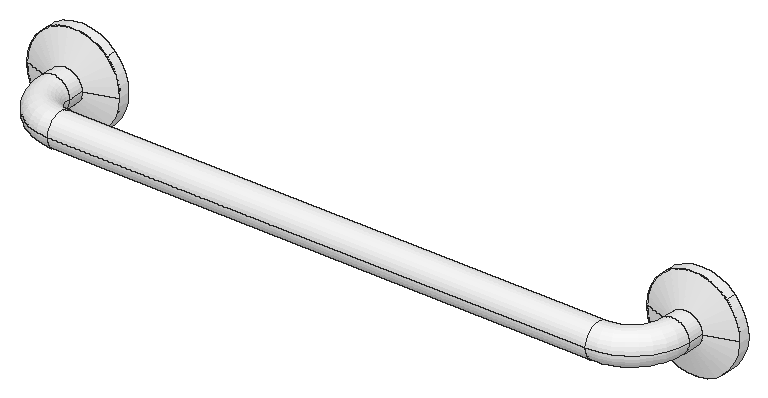
Revit family "Korpinen Handrail_", category Casework, Revit 2012
Parameters (values of type "46391")
  angle [instance] = 0.00°
  URL = "www.korpinen.com"
  Type Comments = ""
  Model = "46391 Stainless Steel Handrail"
  Manufacturer = "Väinö Korpinen Oy"
  Length = 600 mm
  Keynote = ""
  Height = 850 mm
  Handrail Color = RAL 9016 - White
  Construction Type = ""
Types (8, lengths in mm): name | Model | Length | Handrail Color
  1670 | "1670 Elastomere Coated Handrail" | 600 | Elastomer Coating Grey
  1671 | "1671 Elastomere Coated Handrail" | 600 | Elastomer Coating Yellow
  1673 | "1673 Elastomere Coated Handrail" | 600 | Elastomer Coating Red
  1704 | "1704 Stainless Steel Handrail" | 300 | Stainless Steel
  1705 | "1705 Stainless Steel Handrail" | 400 | Stainless Steel
  1706 | "1706 Stainless Steel Handrail" | 600 | Stainless Steel
  29082 | "29082 Stainless Steel Handrail" | 300 | RAL 9016 - White
  46391 | "46391 Stainless Steel Handrail" | 600 | RAL 9016 - White
Reference planes
  plane 1 "Center (Front/Back)": y = 0
  plane 2: z = 0
  plane 3 "Center (Left/Right)": x = 0
  plane 4: y = -10
Dimensions and locks
  plane 4 to plane 1 "Center (Front/Back)" = 10 mm
  aligned and locked: level to plane 2
  aligned and locked: plane 1 "Center (Front/Back)" to nested 1
Nested families
  nested 1: "Family9" at (0, 0, 0), type "Family9"
    with a 0.00°, Length 600 mm
Definition of nested family "Family9"
  Parameters (values of type "Family9")
    a = 45.00°
    Length = 450 mm
    Handrail Color = none
    Covering Plate = none
  Reference planes
    plane 1 "Center (Front/Back)": y = 0
    plane 2: z = 0
    plane 3 "Center (Left/Right)": x = 0
    plane 4: through (0, -1524, 0) normal (-0.7071, 0, 0.7071)
    plane 5: through (-339.411, -1524, 339.411) normal (0.7071, 0, 0.7071)
    plane 6: through (-180.312, -1524, 498.51) normal (0.7071, 0, 0.7071)
    plane 7: through (-498.51, -1524, 180.312) normal (0.7071, 0, 0.7071)
  Forms (mm)
    Extrusion 1, solid, material <- "Covering Plate"
      sketch origin (601.041, 0, -601.041) x (0.707107, 0, 0.707107) y (-0.707107, 0, 0.707107)
        loop
          circle (-225, 850) r 45
        loop
          circle (225, 850) r 45
      from 0 to 10
    Sweep 2, solid, material <- "Handrail Color"
      path origin (0, -1524, 0) x (-0.707107, 0, -0.707107) y (0, -1, 0)
        loop
          line (225, -1514) -> (225, -1489)
          arc (225, -1489) -> (213.284, -1460.716) -> (185, -1449) r 40
          line (185, -1449) -> (-185, -1449)
          arc (-185, -1449) -> (-213.284, -1460.716) -> (-225, -1489) r 40
          line (-225, -1489) -> (-225, -1514)
      profile "Pipe 32mm : Pipe 32mm" origin (-159.099, -22.5, -159.099) x (0.707107, 0, 0.707107) y (-0.707107, 0, 0.707107)
        loop
          circle (0, 0) r 16
    Revolve 3, solid, material <- "Covering Plate", detail levels fine
      sketch origin (0, -1524, 0) x (-0.707107, 0, -0.707107) y (0, -1, 0)
        loop
          line (-209, -1514) -> (-180, -1514) -> (-209, -1504) -> (-209, -1514)
        axis (-225, -1514) -> (-225, -1504)
      angle from 0 to 360
    Revolve 4, solid, material <- "Covering Plate", detail levels fine
      sketch origin (0, -1524, 0) x (-0.707107, 0, -0.707107) y (0, -1, 0)
        loop
          line (241, -1514) -> (270, -1514) -> (241, -1504) -> (241, -1514)
        axis (225, -1514) -> (225, -1504)
      angle from 0 to 360
  Dimensions and locks
    equal spacing: plane 6, plane 5, plane 7
    "Length": plane 6 to plane 7
    "a": angle plane 3 "Center (Left/Right)" to plane 5
    "a": angle level to plane 4
    aligned and locked: level to plane 2
  Automatic sketch dimensions
    plane 4 to Extrusion 1 sketch curve = 0 mm  (x2)
    Extrusion 1 sketch curve to plane 7 = 0 mm
    plane 6 to Extrusion 1 sketch curve = 0 mm
    Sweep 2 sketch curve to plane 6 = 0 mm
    Sweep 2 sketch curve to plane 7 = 0 mm
    Sweep 2 sketch curve to plane 6 = 40 mm
    plane 7 to Sweep 2 sketch curve = 40 mm
    plane 1 "Center (Front/Back)" to Sweep 2 sketch curve = 10 mm  (x2)
    Sweep 2 sketch curve to Sweep 2 sketch curve = 25 mm
    Revolve 3 sketch curve to plane 6 = 0 mm
    Revolve 3 sketch curve to Revolve 3 sketch curve = 16 mm
    plane 1 "Center (Front/Back)" to Revolve 3 sketch curve = 10 mm
    Revolve 3 sketch curve to Revolve 3 sketch curve = 29 mm
    Revolve 3 sketch curve to plane 1 "Center (Front/Back)" = 10 mm
    Revolve 3 sketch curve to Revolve 3 sketch curve = 10 mm
    Revolve 3 sketch curve to Revolve 3 sketch curve = 0 mm
    Revolve 4 sketch curve to plane 7 = 0 mm
    Revolve 4 sketch curve to Revolve 4 sketch curve = 16 mm
    plane 1 "Center (Front/Back)" to Revolve 4 sketch curve = 10 mm
    Revolve 4 sketch curve to Revolve 4 sketch curve = 29 mm
    Revolve 4 sketch curve to plane 1 "Center (Front/Back)" = 10 mm
    Revolve 4 sketch curve to Revolve 4 sketch curve = 10 mm
    Revolve 4 sketch curve to Revolve 4 sketch curve = 0 mm
    radius of Extrusion 1 sketch curve = 45 mm  (x2)
